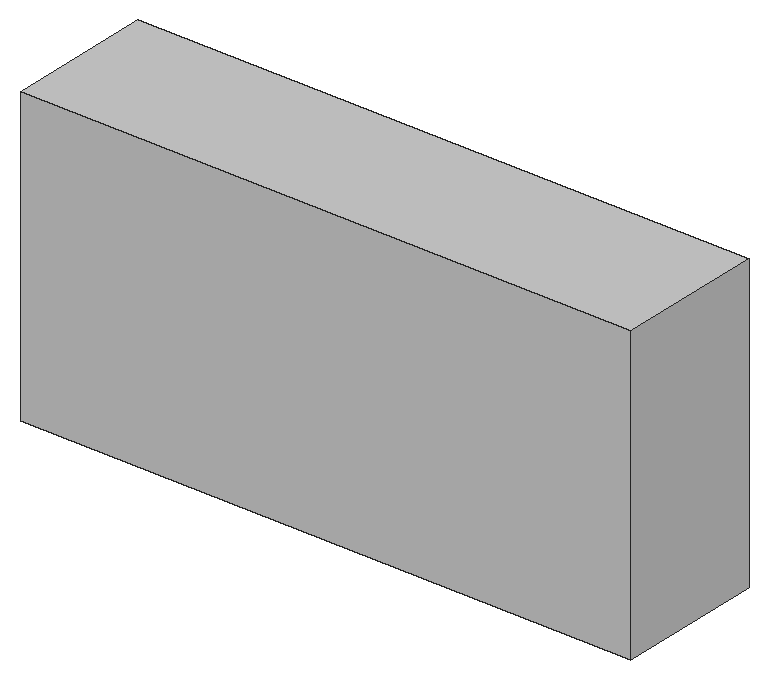
Revit family "0c634ada59a44954bfd60d719a4aa477", category Armazón estructural, Revit 2026
Family settings
  Mostrar en vistas ocultas = Bordes ocultos por otros elementos
  Redondeo de longitud de armazón estructural = 1 mm
  Forma de sección = Sin definir
  Material para comportamiento de modelo = Hormigón
  Exportar siempre como geometría = No
  Siempre vertical = Sí
  Corte con vacíos al cargar = No
  Representación simbólica = Desde familia
  Compartido = No
  Mostrar corte previo de familia en vistas de plano = Sí
Parameters (values of type "300 x 600mm")
  Structural Material [instance] = Hormigón - Hormigón moldeado in situ
  Length [instance] = 1524 mm
  b = 300 mm
  h = 600 mm
Types (3, lengths in mm): name | Structural Material | b | h
  (no name) | Hormigón - Hormigón moldeado in situ | 300 | 600
  400 x 800mm | none | 400 | 800
  300 x 600mm | Hormigón - Hormigón moldeado in situ | 300 | 600
Reference planes
  plane 1 "Centro (Frontal/Posterior)": y = 0
  plane 2: z = 0
  plane 3 "Centro (Izquierda/Derecha)": x = 4.61
  plane 4 "Izquierda de elemento": x = -604.99
  plane 5 "Derecha de elemento": x = 614.21
  plane 6: y = 150
  plane 7: y = -150
  plane 8: z = 300
  plane 9 "Parte inferior": z = -300
  plane 10 "Izquierda": x = -757.39
  plane 11 "Derecha": x = 766.61
  plane 12: x = -617.69
  plane 13: x = 626.91
Forms (mm)
  Sweep 1, solid, material "Hormigón - Hormigón moldeado in situ" <- "Structural Material"
    path origin (0, 0, 0) x (1, 0, 0) y (0, 1, 0)
      loop
        line (626.91, 0) -> (-617.69, 0)
    profile "M_Viga rectangular-Perfil : M_Viga rectangular-Perfil" origin (4.61, 0, 0) x (0, -1, 0) y (0, 0, 1)
      loop
        line (-150, -300) -> (150, -300) -> (150, 300) -> (-150, 300) -> (-150, -300)
Dimensions and locks
  "b": plane 6 to plane 7
  equal spacing: plane 9 "Parte inferior", plane 2, plane 8
  equal spacing: plane 6, plane 1 "Centro (Frontal/Posterior)", plane 7
  "h": plane 9 "Parte inferior" to plane 8
  "Length": plane 10 "Izquierda" to plane 11 "Derecha"
  locked: plane 12 to plane 4 "Izquierda de elemento" at 12.7
  locked: plane 5 "Derecha de elemento" to plane 13 at 12.7
  aligned and locked: Sweep 1 sketch curve to plane 1 "Centro (Frontal/Posterior)"
  aligned and locked: plane 12 to Sweep 1 sketch curve
  aligned and locked: plane 13 to Sweep 1 sketch curve
